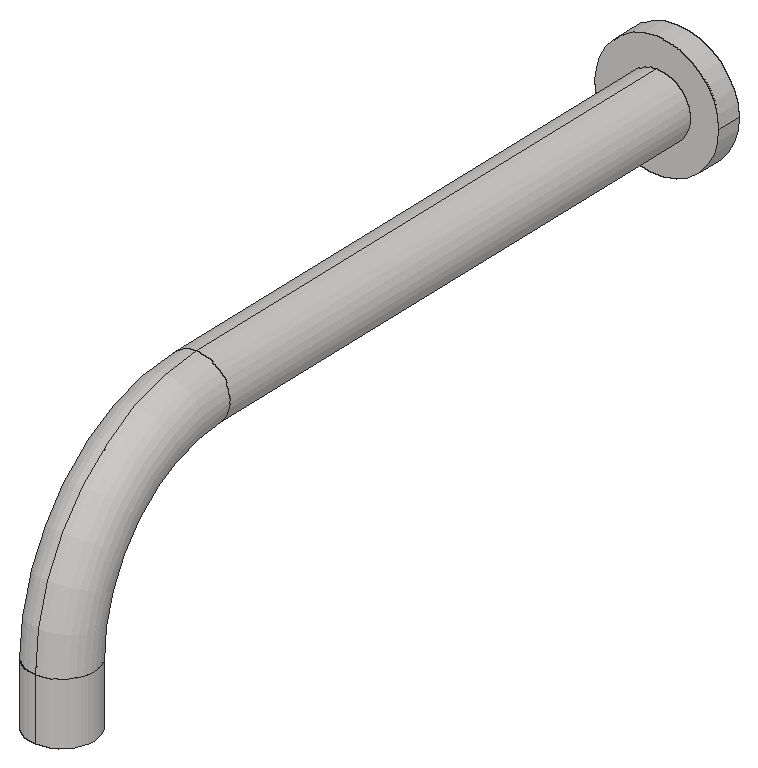
Revit family "020", category Generic Models, Revit 2021
Family settings
  Can host rebar = No
  Round Connector Dimension = Use Diameter
  Part Type = Normal
  Work Plane-Based = No
  Always vertical = Yes
  Cut with Voids When Loaded = No
  Shared = No
  Room Calculation Point = No
Parameters (values of type "Standard")
  e-mail = "info@vola.com"
  URL = "http://vola.com"
  Telephone = "+45 7023 5500"
  Quality management standard = "ISO 9001"
  Organisation no. / DUNS no. = "17531328"
  Occupational health and safety management standard = "ISO 18001"
  Mounting Instructions = "http://vola.com/service/producturl.ashx?name=020"
  Model = "020"
  Materials and components information = "http://vola.com/service/producturl.ashx?name=020"
  Manufacturer = "VOLA A/S"
  Maintenance Instructions = "http://vola.com/service/producturl.ashx?name=020"
  Guarantee = "2 years"
  Environmental management standard = "ISO 14000"
  Default Elevation = 0.0000 mm
  Connection - All relevant connections = ""
  Approvals = "http://vola.com/service/producturl.ashx?name=020"
Reference planes
  plane 1 "Center (Front/Back)": y = 0
  plane 2: z = 0
  plane 3 "Center (Left/Right)": x = 0
Forms (mm)
  Extrusion 1, solid, material "Stainless Steel"
    sketch origin (0, 0, 0) x (1, 0, 0) y (0, 0, 1)
      loop
        circle (0, 0) r 18
    from 0 to 7
  Sweep 2, solid, material "Stainless Steel"
    path origin (0, 0, 0) x (0, 1, 0) y (0, 0, 1)
      loop
        line (-7, 0) -> (-174, 0)
        arc (-174, 0) -> (-208.648, -14.352) -> (-223, -49) r 49
    profile origin (0, -208.648, -14.352) x (0, 0.707107, -0.707107) y (1, 0, 0)
      loop
        circle (0, 0) r 9.5
  Extrusion 3, solid, material "Stainless Steel"
    sketch origin (0, -223, -49) x (0, -1, 0) y (-1, 0, 0)
      loop
        circle (0, 0) r 9.5
    from 0 to 18
Dimensions and locks
  Sweep 2 sketch curve to plane 1 "Center (Front/Back)" = 223.0000 mm
  aligned and locked: plane 2 to level
